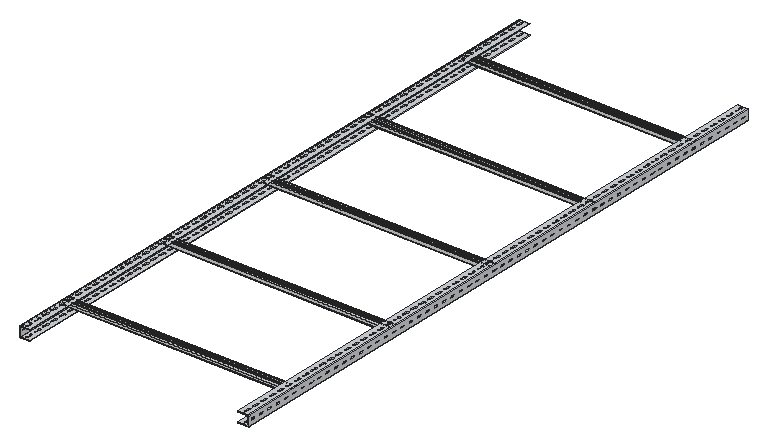
Revit family "steigeleiter_1100_FT", category Generic Models, Revit 2017 (continued)
Forms (mm)
  Extrusion 150, void
    sketch origin (0, 1400, 0) x (1, 0, 0) y (0, 1, 0)
      loop
        arc (-530.5, 15.5) -> (-525, 10) -> (-519.5, 15.5) r 5.5
        line (-519.5, 15.5) -> (-519.5, 34.5)
        arc (-519.5, 34.5) -> (-525, 40) -> (-530.5, 34.5) r 5.5
        line (-530.5, 34.5) -> (-530.5, 15.5)
    from 0 to 2.5
  Extrusion 151, void
    sketch origin (0, 1450, 0) x (1, 0, 0) y (0, 1, 0)
      loop
        arc (-530.5, 15.5) -> (-525, 10) -> (-519.5, 15.5) r 5.5
        line (-519.5, 15.5) -> (-519.5, 34.5)
        arc (-519.5, 34.5) -> (-525, 40) -> (-530.5, 34.5) r 5.5
        line (-530.5, 34.5) -> (-530.5, 15.5)
    from 0 to 2.5
  Extrusion 152, void
    sketch origin (0, 1500, 0) x (1, 0, 0) y (0, 1, 0)
      loop
        arc (-530.5, 15.5) -> (-525, 10) -> (-519.5, 15.5) r 5.5
        line (-519.5, 15.5) -> (-519.5, 34.5)
        arc (-519.5, 34.5) -> (-525, 40) -> (-530.5, 34.5) r 5.5
        line (-530.5, 34.5) -> (-530.5, 15.5)
    from 0 to 2.5
  Extrusion 153, void
    sketch origin (0, 1550, 0) x (1, 0, 0) y (0, 1, 0)
      loop
        arc (-530.5, 15.5) -> (-525, 10) -> (-519.5, 15.5) r 5.5
        line (-519.5, 15.5) -> (-519.5, 34.5)
        arc (-519.5, 34.5) -> (-525, 40) -> (-530.5, 34.5) r 5.5
        line (-530.5, 34.5) -> (-530.5, 15.5)
    from 0 to 2.5
  Extrusion 154, void
    sketch origin (0, 1600, 0) x (1, 0, 0) y (0, 1, 0)
      loop
        arc (-530.5, 15.5) -> (-525, 10) -> (-519.5, 15.5) r 5.5
        line (-519.5, 15.5) -> (-519.5, 34.5)
        arc (-519.5, 34.5) -> (-525, 40) -> (-530.5, 34.5) r 5.5
        line (-530.5, 34.5) -> (-530.5, 15.5)
    from 0 to 2.5
  Extrusion 155, void
    sketch origin (0, 1650, 0) x (1, 0, 0) y (0, 1, 0)
      loop
        arc (-530.5, 15.5) -> (-525, 10) -> (-519.5, 15.5) r 5.5
        line (-519.5, 15.5) -> (-519.5, 34.5)
        arc (-519.5, 34.5) -> (-525, 40) -> (-530.5, 34.5) r 5.5
        line (-530.5, 34.5) -> (-530.5, 15.5)
    from 0 to 2.5
  Extrusion 156, void
    sketch origin (0, 1700, 0) x (1, 0, 0) y (0, 1, 0)
      loop
        arc (-530.5, 15.5) -> (-525, 10) -> (-519.5, 15.5) r 5.5
        line (-519.5, 15.5) -> (-519.5, 34.5)
        arc (-519.5, 34.5) -> (-525, 40) -> (-530.5, 34.5) r 5.5
        line (-530.5, 34.5) -> (-530.5, 15.5)
    from 0 to 2.5
  Extrusion 157, void
    sketch origin (0, 1750, 0) x (1, 0, 0) y (0, 1, 0)
      loop
        arc (-530.5, 15.5) -> (-525, 10) -> (-519.5, 15.5) r 5.5
        line (-519.5, 15.5) -> (-519.5, 34.5)
        arc (-519.5, 34.5) -> (-525, 40) -> (-530.5, 34.5) r 5.5
        line (-530.5, 34.5) -> (-530.5, 15.5)
    from 0 to 2.5
  Extrusion 158, void
    sketch origin (0, 1800, 0) x (1, 0, 0) y (0, 1, 0)
      loop
        arc (-530.5, 15.5) -> (-525, 10) -> (-519.5, 15.5) r 5.5
        line (-519.5, 15.5) -> (-519.5, 34.5)
        arc (-519.5, 34.5) -> (-525, 40) -> (-530.5, 34.5) r 5.5
        line (-530.5, 34.5) -> (-530.5, 15.5)
    from 0 to 2.5
  Extrusion 159, void
    sketch origin (0, 1850, 0) x (1, 0, 0) y (0, 1, 0)
      loop
        arc (-530.5, 15.5) -> (-525, 10) -> (-519.5, 15.5) r 5.5
        line (-519.5, 15.5) -> (-519.5, 34.5)
        arc (-519.5, 34.5) -> (-525, 40) -> (-530.5, 34.5) r 5.5
        line (-530.5, 34.5) -> (-530.5, 15.5)
    from 0 to 2.5
  Extrusion 160, void
    sketch origin (0, 1900, 0) x (1, 0, 0) y (0, 1, 0)
      loop
        arc (-530.5, 15.5) -> (-525, 10) -> (-519.5, 15.5) r 5.5
        line (-519.5, 15.5) -> (-519.5, 34.5)
        arc (-519.5, 34.5) -> (-525, 40) -> (-530.5, 34.5) r 5.5
        line (-530.5, 34.5) -> (-530.5, 15.5)
    from 0 to 2.5
  Extrusion 161, void
    sketch origin (0, 1950, 0) x (1, 0, 0) y (0, 1, 0)
      loop
        arc (-530.5, 15.5) -> (-525, 10) -> (-519.5, 15.5) r 5.5
        line (-519.5, 15.5) -> (-519.5, 34.5)
        arc (-519.5, 34.5) -> (-525, 40) -> (-530.5, 34.5) r 5.5
        line (-530.5, 34.5) -> (-530.5, 15.5)
    from 0 to 2.5
  Extrusion 162, void
    sketch origin (0, 2000, 0) x (1, 0, 0) y (0, 1, 0)
      loop
        arc (-530.5, 15.5) -> (-525, 10) -> (-519.5, 15.5) r 5.5
        line (-519.5, 15.5) -> (-519.5, 34.5)
        arc (-519.5, 34.5) -> (-525, 40) -> (-530.5, 34.5) r 5.5
        line (-530.5, 34.5) -> (-530.5, 15.5)
    from 0 to 2.5
  Extrusion 163, void
    sketch origin (0, 2050, 0) x (1, 0, 0) y (0, 1, 0)
      loop
        arc (-530.5, 15.5) -> (-525, 10) -> (-519.5, 15.5) r 5.5
        line (-519.5, 15.5) -> (-519.5, 34.5)
        arc (-519.5, 34.5) -> (-525, 40) -> (-530.5, 34.5) r 5.5
        line (-530.5, 34.5) -> (-530.5, 15.5)
    from 0 to 2.5
  Extrusion 164, void
    sketch origin (0, 2100, 0) x (1, 0, 0) y (0, 1, 0)
      loop
        arc (-530.5, 15.5) -> (-525, 10) -> (-519.5, 15.5) r 5.5
        line (-519.5, 15.5) -> (-519.5, 34.5)
        arc (-519.5, 34.5) -> (-525, 40) -> (-530.5, 34.5) r 5.5
        line (-530.5, 34.5) -> (-530.5, 15.5)
    from 0 to 2.5
  Extrusion 165, void
    sketch origin (0, 2150, 0) x (1, 0, 0) y (0, 1, 0)
      loop
        arc (-530.5, 15.5) -> (-525, 10) -> (-519.5, 15.5) r 5.5
        line (-519.5, 15.5) -> (-519.5, 34.5)
        arc (-519.5, 34.5) -> (-525, 40) -> (-530.5, 34.5) r 5.5
        line (-530.5, 34.5) -> (-530.5, 15.5)
    from 0 to 2.5
  Extrusion 166, void
    sketch origin (0, 2200, 0) x (1, 0, 0) y (0, 1, 0)
      loop
        arc (-530.5, 15.5) -> (-525, 10) -> (-519.5, 15.5) r 5.5
        line (-519.5, 15.5) -> (-519.5, 34.5)
        arc (-519.5, 34.5) -> (-525, 40) -> (-530.5, 34.5) r 5.5
        line (-530.5, 34.5) -> (-530.5, 15.5)
    from 0 to 2.5
  Extrusion 167, void
    sketch origin (0, 2250, 0) x (1, 0, 0) y (0, 1, 0)
      loop
        arc (-530.5, 15.5) -> (-525, 10) -> (-519.5, 15.5) r 5.5
        line (-519.5, 15.5) -> (-519.5, 34.5)
        arc (-519.5, 34.5) -> (-525, 40) -> (-530.5, 34.5) r 5.5
        line (-530.5, 34.5) -> (-530.5, 15.5)
    from 0 to 2.5
  Extrusion 168, void
    sketch origin (0, 2300, 0) x (1, 0, 0) y (0, 1, 0)
      loop
        arc (-530.5, 15.5) -> (-525, 10) -> (-519.5, 15.5) r 5.5
        line (-519.5, 15.5) -> (-519.5, 34.5)
        arc (-519.5, 34.5) -> (-525, 40) -> (-530.5, 34.5) r 5.5
        line (-530.5, 34.5) -> (-530.5, 15.5)
    from 0 to 2.5
  Extrusion 169, void
    sketch origin (0, 2350, 0) x (1, 0, 0) y (0, 1, 0)
      loop
        arc (-530.5, 15.5) -> (-525, 10) -> (-519.5, 15.5) r 5.5
        line (-519.5, 15.5) -> (-519.5, 34.5)
        arc (-519.5, 34.5) -> (-525, 40) -> (-530.5, 34.5) r 5.5
        line (-530.5, 34.5) -> (-530.5, 15.5)
    from 0 to 2.5
  Extrusion 170, void
    sketch origin (0, 2400, 0) x (1, 0, 0) y (0, 1, 0)
      loop
        arc (-530.5, 15.5) -> (-525, 10) -> (-519.5, 15.5) r 5.5
        line (-519.5, 15.5) -> (-519.5, 34.5)
        arc (-519.5, 34.5) -> (-525, 40) -> (-530.5, 34.5) r 5.5
        line (-530.5, 34.5) -> (-530.5, 15.5)
    from 0 to 2.5
  Extrusion 171, void
    sketch origin (0, 2450, 0) x (1, 0, 0) y (0, 1, 0)
      loop
        arc (-530.5, 15.5) -> (-525, 10) -> (-519.5, 15.5) r 5.5
        line (-519.5, 15.5) -> (-519.5, 34.5)
        arc (-519.5, 34.5) -> (-525, 40) -> (-530.5, 34.5) r 5.5
        line (-530.5, 34.5) -> (-530.5, 15.5)
    from 0 to 2.5
  Extrusion 172, void
    sketch origin (0, 2500, 0) x (1, 0, 0) y (0, 1, 0)
      loop
        arc (-530.5, 15.5) -> (-525, 10) -> (-519.5, 15.5) r 5.5
        line (-519.5, 15.5) -> (-519.5, 34.5)
        arc (-519.5, 34.5) -> (-525, 40) -> (-530.5, 34.5) r 5.5
        line (-530.5, 34.5) -> (-530.5, 15.5)
    from 0 to 2.5
  Extrusion 173, void
    sketch origin (0, 2550, 0) x (1, 0, 0) y (0, 1, 0)
      loop
        arc (-530.5, 15.5) -> (-525, 10) -> (-519.5, 15.5) r 5.5
        line (-519.5, 15.5) -> (-519.5, 34.5)
        arc (-519.5, 34.5) -> (-525, 40) -> (-530.5, 34.5) r 5.5
        line (-530.5, 34.5) -> (-530.5, 15.5)
    from 0 to 2.5
  Extrusion 174, void
    sketch origin (0, 2600, 0) x (1, 0, 0) y (0, 1, 0)
      loop
        arc (-530.5, 15.5) -> (-525, 10) -> (-519.5, 15.5) r 5.5
        line (-519.5, 15.5) -> (-519.5, 34.5)
        arc (-519.5, 34.5) -> (-525, 40) -> (-530.5, 34.5) r 5.5
        line (-530.5, 34.5) -> (-530.5, 15.5)
    from 0 to 2.5
  Extrusion 175, void
    sketch origin (0, 2650, 0) x (1, 0, 0) y (0, 1, 0)
      loop
        arc (-530.5, 15.5) -> (-525, 10) -> (-519.5, 15.5) r 5.5
        line (-519.5, 15.5) -> (-519.5, 34.5)
        arc (-519.5, 34.5) -> (-525, 40) -> (-530.5, 34.5) r 5.5
        line (-530.5, 34.5) -> (-530.5, 15.5)
    from 0 to 2.5
  Extrusion 176, void
    sketch origin (0, 2700, 0) x (1, 0, 0) y (0, 1, 0)
      loop
        arc (-530.5, 15.5) -> (-525, 10) -> (-519.5, 15.5) r 5.5
        line (-519.5, 15.5) -> (-519.5, 34.5)
        arc (-519.5, 34.5) -> (-525, 40) -> (-530.5, 34.5) r 5.5
        line (-530.5, 34.5) -> (-530.5, 15.5)
    from 0 to 2.5
  Extrusion 177, void
    sketch origin (0, 2750, 0) x (1, 0, 0) y (0, 1, 0)
      loop
        arc (-530.5, 15.5) -> (-525, 10) -> (-519.5, 15.5) r 5.5
        line (-519.5, 15.5) -> (-519.5, 34.5)
        arc (-519.5, 34.5) -> (-525, 40) -> (-530.5, 34.5) r 5.5
        line (-530.5, 34.5) -> (-530.5, 15.5)
    from 0 to 2.5
  Extrusion 178, void
    sketch origin (0, 2800, 0) x (1, 0, 0) y (0, 1, 0)
      loop
        arc (-530.5, 15.5) -> (-525, 10) -> (-519.5, 15.5) r 5.5
        line (-519.5, 15.5) -> (-519.5, 34.5)
        arc (-519.5, 34.5) -> (-525, 40) -> (-530.5, 34.5) r 5.5
        line (-530.5, 34.5) -> (-530.5, 15.5)
    from 0 to 2.5
  Extrusion 179, void
    sketch origin (0, 2850, 0) x (1, 0, 0) y (0, 1, 0)
      loop
        arc (-530.5, 15.5) -> (-525, 10) -> (-519.5, 15.5) r 5.5
        line (-519.5, 15.5) -> (-519.5, 34.5)
        arc (-519.5, 34.5) -> (-525, 40) -> (-530.5, 34.5) r 5.5
        line (-530.5, 34.5) -> (-530.5, 15.5)
    from 0 to 2.5
  Extrusion 180, void
    sketch origin (0, 2900, 0) x (1, 0, 0) y (0, 1, 0)
      loop
        arc (-530.5, 15.5) -> (-525, 10) -> (-519.5, 15.5) r 5.5
        line (-519.5, 15.5) -> (-519.5, 34.5)
        arc (-519.5, 34.5) -> (-525, 40) -> (-530.5, 34.5) r 5.5
        line (-530.5, 34.5) -> (-530.5, 15.5)
    from 0 to 2.5
  Extrusion 181, void
    sketch origin (0, 2950, 0) x (1, 0, 0) y (0, 1, 0)
      loop
        arc (-530.5, 15.5) -> (-525, 10) -> (-519.5, 15.5) r 5.5
        line (-519.5, 15.5) -> (-519.5, 34.5)
        arc (-519.5, 34.5) -> (-525, 40) -> (-530.5, 34.5) r 5.5
        line (-530.5, 34.5) -> (-530.5, 15.5)
    from 0 to 2.5
  Extrusion 182, void
    sketch origin (0, 0, 0) x (1, 0, 0) y (0, 1, 0)
      loop
        arc (519.5, 15.5) -> (525, 10) -> (530.5, 15.5) r 5.5
        line (530.5, 15.5) -> (530.5, 34.5)
        arc (530.5, 34.5) -> (525, 40) -> (519.5, 34.5) r 5.5
        line (519.5, 34.5) -> (519.5, 15.5)
    from 0 to 2.5
  Extrusion 183, void
    sketch origin (0, 50, 0) x (1, 0, 0) y (0, 1, 0)
      loop
        arc (519.5, 15.5) -> (525, 10) -> (530.5, 15.5) r 5.5
        line (530.5, 15.5) -> (530.5, 34.5)
        arc (530.5, 34.5) -> (525, 40) -> (519.5, 34.5) r 5.5
        line (519.5, 34.5) -> (519.5, 15.5)
    from 0 to 2.5
  Extrusion 184, void
    sketch origin (0, 100, 0) x (1, 0, 0) y (0, 1, 0)
      loop
        arc (519.5, 15.5) -> (525, 10) -> (530.5, 15.5) r 5.5
        line (530.5, 15.5) -> (530.5, 34.5)
        arc (530.5, 34.5) -> (525, 40) -> (519.5, 34.5) r 5.5
        line (519.5, 34.5) -> (519.5, 15.5)
    from 0 to 2.5
  Extrusion 185, void
    sketch origin (0, 150, 0) x (1, 0, 0) y (0, 1, 0)
      loop
        arc (519.5, 15.5) -> (525, 10) -> (530.5, 15.5) r 5.5
        line (530.5, 15.5) -> (530.5, 34.5)
        arc (530.5, 34.5) -> (525, 40) -> (519.5, 34.5) r 5.5
        line (519.5, 34.5) -> (519.5, 15.5)
    from 0 to 2.5
  Extrusion 186, void
    sketch origin (0, 200, 0) x (1, 0, 0) y (0, 1, 0)
      loop
        arc (519.5, 15.5) -> (525, 10) -> (530.5, 15.5) r 5.5
        line (530.5, 15.5) -> (530.5, 34.5)
        arc (530.5, 34.5) -> (525, 40) -> (519.5, 34.5) r 5.5
        line (519.5, 34.5) -> (519.5, 15.5)
    from 0 to 2.5
  Extrusion 187, void
    sketch origin (0, 250, 0) x (1, 0, 0) y (0, 1, 0)
      loop
        arc (519.5, 15.5) -> (525, 10) -> (530.5, 15.5) r 5.5
        line (530.5, 15.5) -> (530.5, 34.5)
        arc (530.5, 34.5) -> (525, 40) -> (519.5, 34.5) r 5.5
        line (519.5, 34.5) -> (519.5, 15.5)
    from 0 to 2.5
  Extrusion 188, void
    sketch origin (0, 300, 0) x (1, 0, 0) y (0, 1, 0)
      loop
        arc (519.5, 15.5) -> (525, 10) -> (530.5, 15.5) r 5.5
        line (530.5, 15.5) -> (530.5, 34.5)
        arc (530.5, 34.5) -> (525, 40) -> (519.5, 34.5) r 5.5
        line (519.5, 34.5) -> (519.5, 15.5)
    from 0 to 2.5
  Extrusion 189, void
    sketch origin (0, 350, 0) x (1, 0, 0) y (0, 1, 0)
      loop
        arc (519.5, 15.5) -> (525, 10) -> (530.5, 15.5) r 5.5
        line (530.5, 15.5) -> (530.5, 34.5)
        arc (530.5, 34.5) -> (525, 40) -> (519.5, 34.5) r 5.5
        line (519.5, 34.5) -> (519.5, 15.5)
    from 0 to 2.5
  Extrusion 190, void
    sketch origin (0, 400, 0) x (1, 0, 0) y (0, 1, 0)
      loop
        arc (519.5, 15.5) -> (525, 10) -> (530.5, 15.5) r 5.5
        line (530.5, 15.5) -> (530.5, 34.5)
        arc (530.5, 34.5) -> (525, 40) -> (519.5, 34.5) r 5.5
        line (519.5, 34.5) -> (519.5, 15.5)
    from 0 to 2.5
  Extrusion 191, void
    sketch origin (0, 450, 0) x (1, 0, 0) y (0, 1, 0)
      loop
        arc (519.5, 15.5) -> (525, 10) -> (530.5, 15.5) r 5.5
        line (530.5, 15.5) -> (530.5, 34.5)
        arc (530.5, 34.5) -> (525, 40) -> (519.5, 34.5) r 5.5
        line (519.5, 34.5) -> (519.5, 15.5)
    from 0 to 2.5
  Extrusion 192, void
    sketch origin (0, 500, 0) x (1, 0, 0) y (0, 1, 0)
      loop
        arc (519.5, 15.5) -> (525, 10) -> (530.5, 15.5) r 5.5
        line (530.5, 15.5) -> (530.5, 34.5)
        arc (530.5, 34.5) -> (525, 40) -> (519.5, 34.5) r 5.5
        line (519.5, 34.5) -> (519.5, 15.5)
    from 0 to 2.5
  Extrusion 193, void
    sketch origin (0, 550, 0) x (1, 0, 0) y (0, 1, 0)
      loop
        arc (519.5, 15.5) -> (525, 10) -> (530.5, 15.5) r 5.5
        line (530.5, 15.5) -> (530.5, 34.5)
        arc (530.5, 34.5) -> (525, 40) -> (519.5, 34.5) r 5.5
        line (519.5, 34.5) -> (519.5, 15.5)
    from 0 to 2.5
  Extrusion 194, void
    sketch origin (0, 600, 0) x (1, 0, 0) y (0, 1, 0)
      loop
        arc (519.5, 15.5) -> (525, 10) -> (530.5, 15.5) r 5.5
        line (530.5, 15.5) -> (530.5, 34.5)
        arc (530.5, 34.5) -> (525, 40) -> (519.5, 34.5) r 5.5
        line (519.5, 34.5) -> (519.5, 15.5)
    from 0 to 2.5
  Extrusion 195, void
    sketch origin (0, 650, 0) x (1, 0, 0) y (0, 1, 0)
      loop
        arc (519.5, 15.5) -> (525, 10) -> (530.5, 15.5) r 5.5
        line (530.5, 15.5) -> (530.5, 34.5)
        arc (530.5, 34.5) -> (525, 40) -> (519.5, 34.5) r 5.5
        line (519.5, 34.5) -> (519.5, 15.5)
    from 0 to 2.5
  Extrusion 196, void
    sketch origin (0, 700, 0) x (1, 0, 0) y (0, 1, 0)
      loop
        arc (519.5, 15.5) -> (525, 10) -> (530.5, 15.5) r 5.5
        line (530.5, 15.5) -> (530.5, 34.5)
        arc (530.5, 34.5) -> (525, 40) -> (519.5, 34.5) r 5.5
        line (519.5, 34.5) -> (519.5, 15.5)
    from 0 to 2.5
  Extrusion 197, void
    sketch origin (0, 750, 0) x (1, 0, 0) y (0, 1, 0)
      loop
        arc (519.5, 15.5) -> (525, 10) -> (530.5, 15.5) r 5.5
        line (530.5, 15.5) -> (530.5, 34.5)
        arc (530.5, 34.5) -> (525, 40) -> (519.5, 34.5) r 5.5
        line (519.5, 34.5) -> (519.5, 15.5)
    from 0 to 2.5
  Extrusion 198, void
    sketch origin (0, 800, 0) x (1, 0, 0) y (0, 1, 0)
      loop
        arc (519.5, 15.5) -> (525, 10) -> (530.5, 15.5) r 5.5
        line (530.5, 15.5) -> (530.5, 34.5)
        arc (530.5, 34.5) -> (525, 40) -> (519.5, 34.5) r 5.5
        line (519.5, 34.5) -> (519.5, 15.5)
    from 0 to 2.5
  Extrusion 199, void
    sketch origin (0, 850, 0) x (1, 0, 0) y (0, 1, 0)
      loop
        arc (519.5, 15.5) -> (525, 10) -> (530.5, 15.5) r 5.5
        line (530.5, 15.5) -> (530.5, 34.5)
        arc (530.5, 34.5) -> (525, 40) -> (519.5, 34.5) r 5.5
        line (519.5, 34.5) -> (519.5, 15.5)
    from 0 to 2.5
  Extrusion 200, void
    sketch origin (0, 900, 0) x (1, 0, 0) y (0, 1, 0)
      loop
        arc (519.5, 15.5) -> (525, 10) -> (530.5, 15.5) r 5.5
        line (530.5, 15.5) -> (530.5, 34.5)
        arc (530.5, 34.5) -> (525, 40) -> (519.5, 34.5) r 5.5
        line (519.5, 34.5) -> (519.5, 15.5)
    from 0 to 2.5
  Extrusion 201, void
    sketch origin (0, 950, 0) x (1, 0, 0) y (0, 1, 0)
      loop
        arc (519.5, 15.5) -> (525, 10) -> (530.5, 15.5) r 5.5
        line (530.5, 15.5) -> (530.5, 34.5)
        arc (530.5, 34.5) -> (525, 40) -> (519.5, 34.5) r 5.5
        line (519.5, 34.5) -> (519.5, 15.5)
    from 0 to 2.5
  Extrusion 202, void
    sketch origin (0, 1000, 0) x (1, 0, 0) y (0, 1, 0)
      loop
        arc (519.5, 15.5) -> (525, 10) -> (530.5, 15.5) r 5.5
        line (530.5, 15.5) -> (530.5, 34.5)
        arc (530.5, 34.5) -> (525, 40) -> (519.5, 34.5) r 5.5
        line (519.5, 34.5) -> (519.5, 15.5)
    from 0 to 2.5
  Extrusion 203, void
    sketch origin (0, 1050, 0) x (1, 0, 0) y (0, 1, 0)
      loop
        arc (519.5, 15.5) -> (525, 10) -> (530.5, 15.5) r 5.5
        line (530.5, 15.5) -> (530.5, 34.5)
        arc (530.5, 34.5) -> (525, 40) -> (519.5, 34.5) r 5.5
        line (519.5, 34.5) -> (519.5, 15.5)
    from 0 to 2.5
  Extrusion 204, void
    sketch origin (0, 1100, 0) x (1, 0, 0) y (0, 1, 0)
      loop
        arc (519.5, 15.5) -> (525, 10) -> (530.5, 15.5) r 5.5
        line (530.5, 15.5) -> (530.5, 34.5)
        arc (530.5, 34.5) -> (525, 40) -> (519.5, 34.5) r 5.5
        line (519.5, 34.5) -> (519.5, 15.5)
    from 0 to 2.5
  Extrusion 205, void
    sketch origin (0, 1150, 0) x (1, 0, 0) y (0, 1, 0)
      loop
        arc (519.5, 15.5) -> (525, 10) -> (530.5, 15.5) r 5.5
        line (530.5, 15.5) -> (530.5, 34.5)
        arc (530.5, 34.5) -> (525, 40) -> (519.5, 34.5) r 5.5
        line (519.5, 34.5) -> (519.5, 15.5)
    from 0 to 2.5
  Extrusion 206, void
    sketch origin (0, 1200, 0) x (1, 0, 0) y (0, 1, 0)
      loop
        arc (519.5, 15.5) -> (525, 10) -> (530.5, 15.5) r 5.5
        line (530.5, 15.5) -> (530.5, 34.5)
        arc (530.5, 34.5) -> (525, 40) -> (519.5, 34.5) r 5.5
        line (519.5, 34.5) -> (519.5, 15.5)
    from 0 to 2.5
  Extrusion 207, void
    sketch origin (0, 1250, 0) x (1, 0, 0) y (0, 1, 0)
      loop
        arc (519.5, 15.5) -> (525, 10) -> (530.5, 15.5) r 5.5
        line (530.5, 15.5) -> (530.5, 34.5)
        arc (530.5, 34.5) -> (525, 40) -> (519.5, 34.5) r 5.5
        line (519.5, 34.5) -> (519.5, 15.5)
    from 0 to 2.5
  Extrusion 208, void
    sketch origin (0, 1300, 0) x (1, 0, 0) y (0, 1, 0)
      loop
        arc (519.5, 15.5) -> (525, 10) -> (530.5, 15.5) r 5.5
        line (530.5, 15.5) -> (530.5, 34.5)
        arc (530.5, 34.5) -> (525, 40) -> (519.5, 34.5) r 5.5
        line (519.5, 34.5) -> (519.5, 15.5)
    from 0 to 2.5
  Extrusion 209, void
    sketch origin (0, 1350, 0) x (1, 0, 0) y (0, 1, 0)
      loop
        arc (519.5, 15.5) -> (525, 10) -> (530.5, 15.5) r 5.5
        line (530.5, 15.5) -> (530.5, 34.5)
        arc (530.5, 34.5) -> (525, 40) -> (519.5, 34.5) r 5.5
        line (519.5, 34.5) -> (519.5, 15.5)
    from 0 to 2.5
  Extrusion 210, void
    sketch origin (0, 1400, 0) x (1, 0, 0) y (0, 1, 0)
      loop
        arc (519.5, 15.5) -> (525, 10) -> (530.5, 15.5) r 5.5
        line (530.5, 15.5) -> (530.5, 34.5)
        arc (530.5, 34.5) -> (525, 40) -> (519.5, 34.5) r 5.5
        line (519.5, 34.5) -> (519.5, 15.5)
    from 0 to 2.5
  Extrusion 211, void
    sketch origin (0, 1450, 0) x (1, 0, 0) y (0, 1, 0)
      loop
        arc (519.5, 15.5) -> (525, 10) -> (530.5, 15.5) r 5.5
        line (530.5, 15.5) -> (530.5, 34.5)
        arc (530.5, 34.5) -> (525, 40) -> (519.5, 34.5) r 5.5
        line (519.5, 34.5) -> (519.5, 15.5)
    from 0 to 2.5
  Extrusion 212, void
    sketch origin (0, 1500, 0) x (1, 0, 0) y (0, 1, 0)
      loop
        arc (519.5, 15.5) -> (525, 10) -> (530.5, 15.5) r 5.5
        line (530.5, 15.5) -> (530.5, 34.5)
        arc (530.5, 34.5) -> (525, 40) -> (519.5, 34.5) r 5.5
        line (519.5, 34.5) -> (519.5, 15.5)
    from 0 to 2.5
  Extrusion 213, void
    sketch origin (0, 1550, 0) x (1, 0, 0) y (0, 1, 0)
      loop
        arc (519.5, 15.5) -> (525, 10) -> (530.5, 15.5) r 5.5
        line (530.5, 15.5) -> (530.5, 34.5)
        arc (530.5, 34.5) -> (525, 40) -> (519.5, 34.5) r 5.5
        line (519.5, 34.5) -> (519.5, 15.5)
    from 0 to 2.5
  Extrusion 214, void
    sketch origin (0, 1600, 0) x (1, 0, 0) y (0, 1, 0)
      loop
        arc (519.5, 15.5) -> (525, 10) -> (530.5, 15.5) r 5.5
        line (530.5, 15.5) -> (530.5, 34.5)
        arc (530.5, 34.5) -> (525, 40) -> (519.5, 34.5) r 5.5
        line (519.5, 34.5) -> (519.5, 15.5)
    from 0 to 2.5
  Extrusion 215, void
    sketch origin (0, 1650, 0) x (1, 0, 0) y (0, 1, 0)
      loop
        arc (519.5, 15.5) -> (525, 10) -> (530.5, 15.5) r 5.5
        line (530.5, 15.5) -> (530.5, 34.5)
        arc (530.5, 34.5) -> (525, 40) -> (519.5, 34.5) r 5.5
        line (519.5, 34.5) -> (519.5, 15.5)
    from 0 to 2.5
  Extrusion 216, void
    sketch origin (0, 1700, 0) x (1, 0, 0) y (0, 1, 0)
      loop
        arc (519.5, 15.5) -> (525, 10) -> (530.5, 15.5) r 5.5
        line (530.5, 15.5) -> (530.5, 34.5)
        arc (530.5, 34.5) -> (525, 40) -> (519.5, 34.5) r 5.5
        line (519.5, 34.5) -> (519.5, 15.5)
    from 0 to 2.5
  Extrusion 217, void
    sketch origin (0, 1750, 0) x (1, 0, 0) y (0, 1, 0)
      loop
        arc (519.5, 15.5) -> (525, 10) -> (530.5, 15.5) r 5.5
        line (530.5, 15.5) -> (530.5, 34.5)
        arc (530.5, 34.5) -> (525, 40) -> (519.5, 34.5) r 5.5
        line (519.5, 34.5) -> (519.5, 15.5)
    from 0 to 2.5
  Extrusion 218, void
    sketch origin (0, 1800, 0) x (1, 0, 0) y (0, 1, 0)
      loop
        arc (519.5, 15.5) -> (525, 10) -> (530.5, 15.5) r 5.5
        line (530.5, 15.5) -> (530.5, 34.5)
        arc (530.5, 34.5) -> (525, 40) -> (519.5, 34.5) r 5.5
        line (519.5, 34.5) -> (519.5, 15.5)
    from 0 to 2.5
  Extrusion 219, void
    sketch origin (0, 1850, 0) x (1, 0, 0) y (0, 1, 0)
      loop
        arc (519.5, 15.5) -> (525, 10) -> (530.5, 15.5) r 5.5
        line (530.5, 15.5) -> (530.5, 34.5)
        arc (530.5, 34.5) -> (525, 40) -> (519.5, 34.5) r 5.5
        line (519.5, 34.5) -> (519.5, 15.5)
    from 0 to 2.5
  Extrusion 220, void
    sketch origin (0, 1900, 0) x (1, 0, 0) y (0, 1, 0)
      loop
        arc (519.5, 15.5) -> (525, 10) -> (530.5, 15.5) r 5.5
        line (530.5, 15.5) -> (530.5, 34.5)
        arc (530.5, 34.5) -> (525, 40) -> (519.5, 34.5) r 5.5
        line (519.5, 34.5) -> (519.5, 15.5)
    from 0 to 2.5
  Extrusion 221, void
    sketch origin (0, 1950, 0) x (1, 0, 0) y (0, 1, 0)
      loop
        arc (519.5, 15.5) -> (525, 10) -> (530.5, 15.5) r 5.5
        line (530.5, 15.5) -> (530.5, 34.5)
        arc (530.5, 34.5) -> (525, 40) -> (519.5, 34.5) r 5.5
        line (519.5, 34.5) -> (519.5, 15.5)
    from 0 to 2.5
  Extrusion 222, void
    sketch origin (0, 2000, 0) x (1, 0, 0) y (0, 1, 0)
      loop
        arc (519.5, 15.5) -> (525, 10) -> (530.5, 15.5) r 5.5
        line (530.5, 15.5) -> (530.5, 34.5)
        arc (530.5, 34.5) -> (525, 40) -> (519.5, 34.5) r 5.5
        line (519.5, 34.5) -> (519.5, 15.5)
    from 0 to 2.5
  Extrusion 223, void
    sketch origin (0, 2050, 0) x (1, 0, 0) y (0, 1, 0)
      loop
        arc (519.5, 15.5) -> (525, 10) -> (530.5, 15.5) r 5.5
        line (530.5, 15.5) -> (530.5, 34.5)
        arc (530.5, 34.5) -> (525, 40) -> (519.5, 34.5) r 5.5
        line (519.5, 34.5) -> (519.5, 15.5)
    from 0 to 2.5
  Extrusion 224, void
    sketch origin (0, 2100, 0) x (1, 0, 0) y (0, 1, 0)
      loop
        arc (519.5, 15.5) -> (525, 10) -> (530.5, 15.5) r 5.5
        line (530.5, 15.5) -> (530.5, 34.5)
        arc (530.5, 34.5) -> (525, 40) -> (519.5, 34.5) r 5.5
        line (519.5, 34.5) -> (519.5, 15.5)
    from 0 to 2.5
  Extrusion 225, void
    sketch origin (0, 2150, 0) x (1, 0, 0) y (0, 1, 0)
      loop
        arc (519.5, 15.5) -> (525, 10) -> (530.5, 15.5) r 5.5
        line (530.5, 15.5) -> (530.5, 34.5)
        arc (530.5, 34.5) -> (525, 40) -> (519.5, 34.5) r 5.5
        line (519.5, 34.5) -> (519.5, 15.5)
    from 0 to 2.5
  Extrusion 226, void
    sketch origin (0, 2200, 0) x (1, 0, 0) y (0, 1, 0)
      loop
        arc (519.5, 15.5) -> (525, 10) -> (530.5, 15.5) r 5.5
        line (530.5, 15.5) -> (530.5, 34.5)
        arc (530.5, 34.5) -> (525, 40) -> (519.5, 34.5) r 5.5
        line (519.5, 34.5) -> (519.5, 15.5)
    from 0 to 2.5
  Extrusion 227, void
    sketch origin (0, 2250, 0) x (1, 0, 0) y (0, 1, 0)
      loop
        arc (519.5, 15.5) -> (525, 10) -> (530.5, 15.5) r 5.5
        line (530.5, 15.5) -> (530.5, 34.5)
        arc (530.5, 34.5) -> (525, 40) -> (519.5, 34.5) r 5.5
        line (519.5, 34.5) -> (519.5, 15.5)
    from 0 to 2.5
  Extrusion 228, void
    sketch origin (0, 2300, 0) x (1, 0, 0) y (0, 1, 0)
      loop
        arc (519.5, 15.5) -> (525, 10) -> (530.5, 15.5) r 5.5
        line (530.5, 15.5) -> (530.5, 34.5)
        arc (530.5, 34.5) -> (525, 40) -> (519.5, 34.5) r 5.5
        line (519.5, 34.5) -> (519.5, 15.5)
    from 0 to 2.5
  Extrusion 229, void
    sketch origin (0, 2350, 0) x (1, 0, 0) y (0, 1, 0)
      loop
        arc (519.5, 15.5) -> (525, 10) -> (530.5, 15.5) r 5.5
        line (530.5, 15.5) -> (530.5, 34.5)
        arc (530.5, 34.5) -> (525, 40) -> (519.5, 34.5) r 5.5
        line (519.5, 34.5) -> (519.5, 15.5)
    from 0 to 2.5
  Extrusion 230, void
    sketch origin (0, 2400, 0) x (1, 0, 0) y (0, 1, 0)
      loop
        arc (519.5, 15.5) -> (525, 10) -> (530.5, 15.5) r 5.5
        line (530.5, 15.5) -> (530.5, 34.5)
        arc (530.5, 34.5) -> (525, 40) -> (519.5, 34.5) r 5.5
        line (519.5, 34.5) -> (519.5, 15.5)
    from 0 to 2.5
  Extrusion 231, void
    sketch origin (0, 2450, 0) x (1, 0, 0) y (0, 1, 0)
      loop
        arc (519.5, 15.5) -> (525, 10) -> (530.5, 15.5) r 5.5
        line (530.5, 15.5) -> (530.5, 34.5)
        arc (530.5, 34.5) -> (525, 40) -> (519.5, 34.5) r 5.5
        line (519.5, 34.5) -> (519.5, 15.5)
    from 0 to 2.5
  Extrusion 232, void
    sketch origin (0, 2500, 0) x (1, 0, 0) y (0, 1, 0)
      loop
        arc (519.5, 15.5) -> (525, 10) -> (530.5, 15.5) r 5.5
        line (530.5, 15.5) -> (530.5, 34.5)
        arc (530.5, 34.5) -> (525, 40) -> (519.5, 34.5) r 5.5
        line (519.5, 34.5) -> (519.5, 15.5)
    from 0 to 2.5
  Extrusion 233, void
    sketch origin (0, 2550, 0) x (1, 0, 0) y (0, 1, 0)
      loop
        arc (519.5, 15.5) -> (525, 10) -> (530.5, 15.5) r 5.5
        line (530.5, 15.5) -> (530.5, 34.5)
        arc (530.5, 34.5) -> (525, 40) -> (519.5, 34.5) r 5.5
        line (519.5, 34.5) -> (519.5, 15.5)
    from 0 to 2.5
  Extrusion 234, void
    sketch origin (0, 2600, 0) x (1, 0, 0) y (0, 1, 0)
      loop
        arc (519.5, 15.5) -> (525, 10) -> (530.5, 15.5) r 5.5
        line (530.5, 15.5) -> (530.5, 34.5)
        arc (530.5, 34.5) -> (525, 40) -> (519.5, 34.5) r 5.5
        line (519.5, 34.5) -> (519.5, 15.5)
    from 0 to 2.5
  Extrusion 235, void
    sketch origin (0, 2650, 0) x (1, 0, 0) y (0, 1, 0)
      loop
        arc (519.5, 15.5) -> (525, 10) -> (530.5, 15.5) r 5.5
        line (530.5, 15.5) -> (530.5, 34.5)
        arc (530.5, 34.5) -> (525, 40) -> (519.5, 34.5) r 5.5
        line (519.5, 34.5) -> (519.5, 15.5)
    from 0 to 2.5
  Extrusion 236, void
    sketch origin (0, 2700, 0) x (1, 0, 0) y (0, 1, 0)
      loop
        arc (519.5, 15.5) -> (525, 10) -> (530.5, 15.5) r 5.5
        line (530.5, 15.5) -> (530.5, 34.5)
        arc (530.5, 34.5) -> (525, 40) -> (519.5, 34.5) r 5.5
        line (519.5, 34.5) -> (519.5, 15.5)
    from 0 to 2.5
  Extrusion 237, void
    sketch origin (0, 2750, 0) x (1, 0, 0) y (0, 1, 0)
      loop
        arc (519.5, 15.5) -> (525, 10) -> (530.5, 15.5) r 5.5
        line (530.5, 15.5) -> (530.5, 34.5)
        arc (530.5, 34.5) -> (525, 40) -> (519.5, 34.5) r 5.5
        line (519.5, 34.5) -> (519.5, 15.5)
    from 0 to 2.5
  Extrusion 238, void
    sketch origin (0, 2800, 0) x (1, 0, 0) y (0, 1, 0)
      loop
        arc (519.5, 15.5) -> (525, 10) -> (530.5, 15.5) r 5.5
        line (530.5, 15.5) -> (530.5, 34.5)
        arc (530.5, 34.5) -> (525, 40) -> (519.5, 34.5) r 5.5
        line (519.5, 34.5) -> (519.5, 15.5)
    from 0 to 2.5
  Extrusion 239, void
    sketch origin (0, 2850, 0) x (1, 0, 0) y (0, 1, 0)
      loop
        arc (519.5, 15.5) -> (525, 10) -> (530.5, 15.5) r 5.5
        line (530.5, 15.5) -> (530.5, 34.5)
        arc (530.5, 34.5) -> (525, 40) -> (519.5, 34.5) r 5.5
        line (519.5, 34.5) -> (519.5, 15.5)
    from 0 to 2.5
  Extrusion 240, void
    sketch origin (0, 2900, 0) x (1, 0, 0) y (0, 1, 0)
      loop
        arc (519.5, 15.5) -> (525, 10) -> (530.5, 15.5) r 5.5
        line (530.5, 15.5) -> (530.5, 34.5)
        arc (530.5, 34.5) -> (525, 40) -> (519.5, 34.5) r 5.5
        line (519.5, 34.5) -> (519.5, 15.5)
    from 0 to 2.5
  Extrusion 241, void
    sketch origin (0, 2950, 0) x (1, 0, 0) y (0, 1, 0)
      loop
        arc (519.5, 15.5) -> (525, 10) -> (530.5, 15.5) r 5.5
        line (530.5, 15.5) -> (530.5, 34.5)
        arc (530.5, 34.5) -> (525, 40) -> (519.5, 34.5) r 5.5
        line (519.5, 34.5) -> (519.5, 15.5)
    from 0 to 2.5
  Extrusion 242, void
    sketch origin (0, 50, 0) x (0, 1, 0) y (0, 0, 1)
      loop
        arc (15.5, 30.5) -> (10, 25) -> (15.5, 19.5) r 5.5
        line (15.5, 19.5) -> (34.5, 19.5)
        arc (34.5, 19.5) -> (40, 25) -> (34.5, 30.5) r 5.5
        line (34.5, 30.5) -> (15.5, 30.5)
    from 547.5 to 550
  Extrusion 243, void
    sketch origin (0, 100, 0) x (0, 1, 0) y (0, 0, 1)
      loop
        arc (15.5, 30.5) -> (10, 25) -> (15.5, 19.5) r 5.5
        line (15.5, 19.5) -> (34.5, 19.5)
        arc (34.5, 19.5) -> (40, 25) -> (34.5, 30.5) r 5.5
        line (34.5, 30.5) -> (15.5, 30.5)
    from 547.5 to 550
  Extrusion 244, void
    sketch origin (0, 150, 0) x (0, 1, 0) y (0, 0, 1)
      loop
        arc (15.5, 30.5) -> (10, 25) -> (15.5, 19.5) r 5.5
        line (15.5, 19.5) -> (34.5, 19.5)
        arc (34.5, 19.5) -> (40, 25) -> (34.5, 30.5) r 5.5
        line (34.5, 30.5) -> (15.5, 30.5)
    from 547.5 to 550
  Extrusion 245, void
    sketch origin (0, 200, 0) x (0, 1, 0) y (0, 0, 1)
      loop
        arc (15.5, 30.5) -> (10, 25) -> (15.5, 19.5) r 5.5
        line (15.5, 19.5) -> (34.5, 19.5)
        arc (34.5, 19.5) -> (40, 25) -> (34.5, 30.5) r 5.5
        line (34.5, 30.5) -> (15.5, 30.5)
    from 547.5 to 550
  Extrusion 246, void
    sketch origin (0, 250, 0) x (0, 1, 0) y (0, 0, 1)
      loop
        arc (15.5, 30.5) -> (10, 25) -> (15.5, 19.5) r 5.5
        line (15.5, 19.5) -> (34.5, 19.5)
        arc (34.5, 19.5) -> (40, 25) -> (34.5, 30.5) r 5.5
        line (34.5, 30.5) -> (15.5, 30.5)
    from 547.5 to 550
  Extrusion 247, void
    sketch origin (0, 300, 0) x (0, 1, 0) y (0, 0, 1)
      loop
        arc (15.5, 30.5) -> (10, 25) -> (15.5, 19.5) r 5.5
        line (15.5, 19.5) -> (34.5, 19.5)
        arc (34.5, 19.5) -> (40, 25) -> (34.5, 30.5) r 5.5
        line (34.5, 30.5) -> (15.5, 30.5)
    from 547.5 to 550
  Extrusion 248, void
    sketch origin (0, 350, 0) x (0, 1, 0) y (0, 0, 1)
      loop
        arc (15.5, 30.5) -> (10, 25) -> (15.5, 19.5) r 5.5
        line (15.5, 19.5) -> (34.5, 19.5)
        arc (34.5, 19.5) -> (40, 25) -> (34.5, 30.5) r 5.5
        line (34.5, 30.5) -> (15.5, 30.5)
    from 547.5 to 550
  Extrusion 249, void
    sketch origin (0, 400, 0) x (0, 1, 0) y (0, 0, 1)
      loop
        arc (15.5, 30.5) -> (10, 25) -> (15.5, 19.5) r 5.5
        line (15.5, 19.5) -> (34.5, 19.5)
        arc (34.5, 19.5) -> (40, 25) -> (34.5, 30.5) r 5.5
        line (34.5, 30.5) -> (15.5, 30.5)
    from 547.5 to 550
  Extrusion 250, void
    sketch origin (0, 450, 0) x (0, 1, 0) y (0, 0, 1)
      loop
        arc (15.5, 30.5) -> (10, 25) -> (15.5, 19.5) r 5.5
        line (15.5, 19.5) -> (34.5, 19.5)
        arc (34.5, 19.5) -> (40, 25) -> (34.5, 30.5) r 5.5
        line (34.5, 30.5) -> (15.5, 30.5)
    from 547.5 to 550
  Extrusion 251, void
    sketch origin (0, 500, 0) x (0, 1, 0) y (0, 0, 1)
      loop
        arc (15.5, 30.5) -> (10, 25) -> (15.5, 19.5) r 5.5
        line (15.5, 19.5) -> (34.5, 19.5)
        arc (34.5, 19.5) -> (40, 25) -> (34.5, 30.5) r 5.5
        line (34.5, 30.5) -> (15.5, 30.5)
    from 547.5 to 550
  Extrusion 252, void
    sketch origin (0, 550, 0) x (0, 1, 0) y (0, 0, 1)
      loop
        arc (15.5, 30.5) -> (10, 25) -> (15.5, 19.5) r 5.5
        line (15.5, 19.5) -> (34.5, 19.5)
        arc (34.5, 19.5) -> (40, 25) -> (34.5, 30.5) r 5.5
        line (34.5, 30.5) -> (15.5, 30.5)
    from 547.5 to 550
  Extrusion 253, void
    sketch origin (0, 600, 0) x (0, 1, 0) y (0, 0, 1)
      loop
        arc (15.5, 30.5) -> (10, 25) -> (15.5, 19.5) r 5.5
        line (15.5, 19.5) -> (34.5, 19.5)
        arc (34.5, 19.5) -> (40, 25) -> (34.5, 30.5) r 5.5
        line (34.5, 30.5) -> (15.5, 30.5)
    from 547.5 to 550
  Extrusion 254, void
    sketch origin (0, 650, 0) x (0, 1, 0) y (0, 0, 1)
      loop
        arc (15.5, 30.5) -> (10, 25) -> (15.5, 19.5) r 5.5
        line (15.5, 19.5) -> (34.5, 19.5)
        arc (34.5, 19.5) -> (40, 25) -> (34.5, 30.5) r 5.5
        line (34.5, 30.5) -> (15.5, 30.5)
    from 547.5 to 550
  Extrusion 255, void
    sketch origin (0, 700, 0) x (0, 1, 0) y (0, 0, 1)
      loop
        arc (15.5, 30.5) -> (10, 25) -> (15.5, 19.5) r 5.5
        line (15.5, 19.5) -> (34.5, 19.5)
        arc (34.5, 19.5) -> (40, 25) -> (34.5, 30.5) r 5.5
        line (34.5, 30.5) -> (15.5, 30.5)
    from 547.5 to 550
  Extrusion 256, void
    sketch origin (0, 750, 0) x (0, 1, 0) y (0, 0, 1)
      loop
        arc (15.5, 30.5) -> (10, 25) -> (15.5, 19.5) r 5.5
        line (15.5, 19.5) -> (34.5, 19.5)
        arc (34.5, 19.5) -> (40, 25) -> (34.5, 30.5) r 5.5
        line (34.5, 30.5) -> (15.5, 30.5)
    from 547.5 to 550
  Extrusion 257, void
    sketch origin (0, 800, 0) x (0, 1, 0) y (0, 0, 1)
      loop
        arc (15.5, 30.5) -> (10, 25) -> (15.5, 19.5) r 5.5
        line (15.5, 19.5) -> (34.5, 19.5)
        arc (34.5, 19.5) -> (40, 25) -> (34.5, 30.5) r 5.5
        line (34.5, 30.5) -> (15.5, 30.5)
    from 547.5 to 550
  Extrusion 258, void
    sketch origin (0, 850, 0) x (0, 1, 0) y (0, 0, 1)
      loop
        arc (15.5, 30.5) -> (10, 25) -> (15.5, 19.5) r 5.5
        line (15.5, 19.5) -> (34.5, 19.5)
        arc (34.5, 19.5) -> (40, 25) -> (34.5, 30.5) r 5.5
        line (34.5, 30.5) -> (15.5, 30.5)
    from 547.5 to 550
  Extrusion 259, void
    sketch origin (0, 900, 0) x (0, 1, 0) y (0, 0, 1)
      loop
        arc (15.5, 30.5) -> (10, 25) -> (15.5, 19.5) r 5.5
        line (15.5, 19.5) -> (34.5, 19.5)
        arc (34.5, 19.5) -> (40, 25) -> (34.5, 30.5) r 5.5
        line (34.5, 30.5) -> (15.5, 30.5)
    from 547.5 to 550
  Extrusion 260, void
    sketch origin (0, 950, 0) x (0, 1, 0) y (0, 0, 1)
      loop
        arc (15.5, 30.5) -> (10, 25) -> (15.5, 19.5) r 5.5
        line (15.5, 19.5) -> (34.5, 19.5)
        arc (34.5, 19.5) -> (40, 25) -> (34.5, 30.5) r 5.5
        line (34.5, 30.5) -> (15.5, 30.5)
    from 547.5 to 550
  Extrusion 261, void
    sketch origin (0, 1000, 0) x (0, 1, 0) y (0, 0, 1)
      loop
        arc (15.5, 30.5) -> (10, 25) -> (15.5, 19.5) r 5.5
        line (15.5, 19.5) -> (34.5, 19.5)
        arc (34.5, 19.5) -> (40, 25) -> (34.5, 30.5) r 5.5
        line (34.5, 30.5) -> (15.5, 30.5)
    from 547.5 to 550
  Extrusion 262, void
    sketch origin (0, 1050, 0) x (0, 1, 0) y (0, 0, 1)
      loop
        arc (15.5, 30.5) -> (10, 25) -> (15.5, 19.5) r 5.5
        line (15.5, 19.5) -> (34.5, 19.5)
        arc (34.5, 19.5) -> (40, 25) -> (34.5, 30.5) r 5.5
        line (34.5, 30.5) -> (15.5, 30.5)
    from 547.5 to 550
  Extrusion 263, void
    sketch origin (0, 1100, 0) x (0, 1, 0) y (0, 0, 1)
      loop
        arc (15.5, 30.5) -> (10, 25) -> (15.5, 19.5) r 5.5
        line (15.5, 19.5) -> (34.5, 19.5)
        arc (34.5, 19.5) -> (40, 25) -> (34.5, 30.5) r 5.5
        line (34.5, 30.5) -> (15.5, 30.5)
    from 547.5 to 550
  Extrusion 264, void
    sketch origin (0, 1150, 0) x (0, 1, 0) y (0, 0, 1)
      loop
        arc (15.5, 30.5) -> (10, 25) -> (15.5, 19.5) r 5.5
        line (15.5, 19.5) -> (34.5, 19.5)
        arc (34.5, 19.5) -> (40, 25) -> (34.5, 30.5) r 5.5
        line (34.5, 30.5) -> (15.5, 30.5)
    from 547.5 to 550
  Extrusion 265, void
    sketch origin (0, 1200, 0) x (0, 1, 0) y (0, 0, 1)
      loop
        arc (15.5, 30.5) -> (10, 25) -> (15.5, 19.5) r 5.5
        line (15.5, 19.5) -> (34.5, 19.5)
        arc (34.5, 19.5) -> (40, 25) -> (34.5, 30.5) r 5.5
        line (34.5, 30.5) -> (15.5, 30.5)
    from 547.5 to 550
  Extrusion 266, void
    sketch origin (0, 1250, 0) x (0, 1, 0) y (0, 0, 1)
      loop
        arc (15.5, 30.5) -> (10, 25) -> (15.5, 19.5) r 5.5
        line (15.5, 19.5) -> (34.5, 19.5)
        arc (34.5, 19.5) -> (40, 25) -> (34.5, 30.5) r 5.5
        line (34.5, 30.5) -> (15.5, 30.5)
    from 547.5 to 550
  Extrusion 267, void
    sketch origin (0, 1300, 0) x (0, 1, 0) y (0, 0, 1)
      loop
        arc (15.5, 30.5) -> (10, 25) -> (15.5, 19.5) r 5.5
        line (15.5, 19.5) -> (34.5, 19.5)
        arc (34.5, 19.5) -> (40, 25) -> (34.5, 30.5) r 5.5
        line (34.5, 30.5) -> (15.5, 30.5)
    from 547.5 to 550
  Extrusion 268, void
    sketch origin (0, 1350, 0) x (0, 1, 0) y (0, 0, 1)
      loop
        arc (15.5, 30.5) -> (10, 25) -> (15.5, 19.5) r 5.5
        line (15.5, 19.5) -> (34.5, 19.5)
        arc (34.5, 19.5) -> (40, 25) -> (34.5, 30.5) r 5.5
        line (34.5, 30.5) -> (15.5, 30.5)
    from 547.5 to 550
  Extrusion 269, void
    sketch origin (0, 1400, 0) x (0, 1, 0) y (0, 0, 1)
      loop
        arc (15.5, 30.5) -> (10, 25) -> (15.5, 19.5) r 5.5
        line (15.5, 19.5) -> (34.5, 19.5)
        arc (34.5, 19.5) -> (40, 25) -> (34.5, 30.5) r 5.5
        line (34.5, 30.5) -> (15.5, 30.5)
    from 547.5 to 550
  Extrusion 270, void
    sketch origin (0, 1450, 0) x (0, 1, 0) y (0, 0, 1)
      loop
        arc (15.5, 30.5) -> (10, 25) -> (15.5, 19.5) r 5.5
        line (15.5, 19.5) -> (34.5, 19.5)
        arc (34.5, 19.5) -> (40, 25) -> (34.5, 30.5) r 5.5
        line (34.5, 30.5) -> (15.5, 30.5)
    from 547.5 to 550
  Extrusion 271, void
    sketch origin (0, 1500, 0) x (0, 1, 0) y (0, 0, 1)
      loop
        arc (15.5, 30.5) -> (10, 25) -> (15.5, 19.5) r 5.5
        line (15.5, 19.5) -> (34.5, 19.5)
        arc (34.5, 19.5) -> (40, 25) -> (34.5, 30.5) r 5.5
        line (34.5, 30.5) -> (15.5, 30.5)
    from 547.5 to 550
  Extrusion 272, void
    sketch origin (0, 1550, 0) x (0, 1, 0) y (0, 0, 1)
      loop
        arc (15.5, 30.5) -> (10, 25) -> (15.5, 19.5) r 5.5
        line (15.5, 19.5) -> (34.5, 19.5)
        arc (34.5, 19.5) -> (40, 25) -> (34.5, 30.5) r 5.5
        line (34.5, 30.5) -> (15.5, 30.5)
    from 547.5 to 550
  Extrusion 273, void
    sketch origin (0, 1600, 0) x (0, 1, 0) y (0, 0, 1)
      loop
        arc (15.5, 30.5) -> (10, 25) -> (15.5, 19.5) r 5.5
        line (15.5, 19.5) -> (34.5, 19.5)
        arc (34.5, 19.5) -> (40, 25) -> (34.5, 30.5) r 5.5
        line (34.5, 30.5) -> (15.5, 30.5)
    from 547.5 to 550
  Extrusion 274, void
    sketch origin (0, 1650, 0) x (0, 1, 0) y (0, 0, 1)
      loop
        arc (15.5, 30.5) -> (10, 25) -> (15.5, 19.5) r 5.5
        line (15.5, 19.5) -> (34.5, 19.5)
        arc (34.5, 19.5) -> (40, 25) -> (34.5, 30.5) r 5.5
        line (34.5, 30.5) -> (15.5, 30.5)
    from 547.5 to 550
  Extrusion 275, void
    sketch origin (0, 1700, 0) x (0, 1, 0) y (0, 0, 1)
      loop
        arc (15.5, 30.5) -> (10, 25) -> (15.5, 19.5) r 5.5
        line (15.5, 19.5) -> (34.5, 19.5)
        arc (34.5, 19.5) -> (40, 25) -> (34.5, 30.5) r 5.5
        line (34.5, 30.5) -> (15.5, 30.5)
    from 547.5 to 550
  Extrusion 276, void
    sketch origin (0, 1750, 0) x (0, 1, 0) y (0, 0, 1)
      loop
        arc (15.5, 30.5) -> (10, 25) -> (15.5, 19.5) r 5.5
        line (15.5, 19.5) -> (34.5, 19.5)
        arc (34.5, 19.5) -> (40, 25) -> (34.5, 30.5) r 5.5
        line (34.5, 30.5) -> (15.5, 30.5)
    from 547.5 to 550
  Extrusion 277, void
    sketch origin (0, 1800, 0) x (0, 1, 0) y (0, 0, 1)
      loop
        arc (15.5, 30.5) -> (10, 25) -> (15.5, 19.5) r 5.5
        line (15.5, 19.5) -> (34.5, 19.5)
        arc (34.5, 19.5) -> (40, 25) -> (34.5, 30.5) r 5.5
        line (34.5, 30.5) -> (15.5, 30.5)
    from 547.5 to 550
  Extrusion 278, void
    sketch origin (0, 1850, 0) x (0, 1, 0) y (0, 0, 1)
      loop
        arc (15.5, 30.5) -> (10, 25) -> (15.5, 19.5) r 5.5
        line (15.5, 19.5) -> (34.5, 19.5)
        arc (34.5, 19.5) -> (40, 25) -> (34.5, 30.5) r 5.5
        line (34.5, 30.5) -> (15.5, 30.5)
    from 547.5 to 550
  Extrusion 279, void
    sketch origin (0, 1900, 0) x (0, 1, 0) y (0, 0, 1)
      loop
        arc (15.5, 30.5) -> (10, 25) -> (15.5, 19.5) r 5.5
        line (15.5, 19.5) -> (34.5, 19.5)
        arc (34.5, 19.5) -> (40, 25) -> (34.5, 30.5) r 5.5
        line (34.5, 30.5) -> (15.5, 30.5)
    from 547.5 to 550
  Extrusion 280, void
    sketch origin (0, 1950, 0) x (0, 1, 0) y (0, 0, 1)
      loop
        arc (15.5, 30.5) -> (10, 25) -> (15.5, 19.5) r 5.5
        line (15.5, 19.5) -> (34.5, 19.5)
        arc (34.5, 19.5) -> (40, 25) -> (34.5, 30.5) r 5.5
        line (34.5, 30.5) -> (15.5, 30.5)
    from 547.5 to 550
  Extrusion 281, void
    sketch origin (0, 2000, 0) x (0, 1, 0) y (0, 0, 1)
      loop
        arc (15.5, 30.5) -> (10, 25) -> (15.5, 19.5) r 5.5
        line (15.5, 19.5) -> (34.5, 19.5)
        arc (34.5, 19.5) -> (40, 25) -> (34.5, 30.5) r 5.5
        line (34.5, 30.5) -> (15.5, 30.5)
    from 547.5 to 550
  Extrusion 282, void
    sketch origin (0, 2050, 0) x (0, 1, 0) y (0, 0, 1)
      loop
        arc (15.5, 30.5) -> (10, 25) -> (15.5, 19.5) r 5.5
        line (15.5, 19.5) -> (34.5, 19.5)
        arc (34.5, 19.5) -> (40, 25) -> (34.5, 30.5) r 5.5
        line (34.5, 30.5) -> (15.5, 30.5)
    from 547.5 to 550
  Extrusion 283, void
    sketch origin (0, 2100, 0) x (0, 1, 0) y (0, 0, 1)
      loop
        arc (15.5, 30.5) -> (10, 25) -> (15.5, 19.5) r 5.5
        line (15.5, 19.5) -> (34.5, 19.5)
        arc (34.5, 19.5) -> (40, 25) -> (34.5, 30.5) r 5.5
        line (34.5, 30.5) -> (15.5, 30.5)
    from 547.5 to 550
  Extrusion 284, void
    sketch origin (0, 2150, 0) x (0, 1, 0) y (0, 0, 1)
      loop
        arc (15.5, 30.5) -> (10, 25) -> (15.5, 19.5) r 5.5
        line (15.5, 19.5) -> (34.5, 19.5)
        arc (34.5, 19.5) -> (40, 25) -> (34.5, 30.5) r 5.5
        line (34.5, 30.5) -> (15.5, 30.5)
    from 547.5 to 550
  Extrusion 285, void
    sketch origin (0, 2200, 0) x (0, 1, 0) y (0, 0, 1)
      loop
        arc (15.5, 30.5) -> (10, 25) -> (15.5, 19.5) r 5.5
        line (15.5, 19.5) -> (34.5, 19.5)
        arc (34.5, 19.5) -> (40, 25) -> (34.5, 30.5) r 5.5
        line (34.5, 30.5) -> (15.5, 30.5)
    from 547.5 to 550
  Extrusion 286, void
    sketch origin (0, 2250, 0) x (0, 1, 0) y (0, 0, 1)
      loop
        arc (15.5, 30.5) -> (10, 25) -> (15.5, 19.5) r 5.5
        line (15.5, 19.5) -> (34.5, 19.5)
        arc (34.5, 19.5) -> (40, 25) -> (34.5, 30.5) r 5.5
        line (34.5, 30.5) -> (15.5, 30.5)
    from 547.5 to 550
  Extrusion 287, void
    sketch origin (0, 2300, 0) x (0, 1, 0) y (0, 0, 1)
      loop
        arc (15.5, 30.5) -> (10, 25) -> (15.5, 19.5) r 5.5
        line (15.5, 19.5) -> (34.5, 19.5)
        arc (34.5, 19.5) -> (40, 25) -> (34.5, 30.5) r 5.5
        line (34.5, 30.5) -> (15.5, 30.5)
    from 547.5 to 550
  Extrusion 288, void
    sketch origin (0, 2350, 0) x (0, 1, 0) y (0, 0, 1)
      loop
        arc (15.5, 30.5) -> (10, 25) -> (15.5, 19.5) r 5.5
        line (15.5, 19.5) -> (34.5, 19.5)
        arc (34.5, 19.5) -> (40, 25) -> (34.5, 30.5) r 5.5
        line (34.5, 30.5) -> (15.5, 30.5)
    from 547.5 to 550
  Extrusion 289, void
    sketch origin (0, 2400, 0) x (0, 1, 0) y (0, 0, 1)
      loop
        arc (15.5, 30.5) -> (10, 25) -> (15.5, 19.5) r 5.5
        line (15.5, 19.5) -> (34.5, 19.5)
        arc (34.5, 19.5) -> (40, 25) -> (34.5, 30.5) r 5.5
        line (34.5, 30.5) -> (15.5, 30.5)
    from 547.5 to 550
  Extrusion 290, void
    sketch origin (0, 2450, 0) x (0, 1, 0) y (0, 0, 1)
      loop
        arc (15.5, 30.5) -> (10, 25) -> (15.5, 19.5) r 5.5
        line (15.5, 19.5) -> (34.5, 19.5)
        arc (34.5, 19.5) -> (40, 25) -> (34.5, 30.5) r 5.5
        line (34.5, 30.5) -> (15.5, 30.5)
    from 547.5 to 550
  Extrusion 291, void
    sketch origin (0, 2500, 0) x (0, 1, 0) y (0, 0, 1)
      loop
        arc (15.5, 30.5) -> (10, 25) -> (15.5, 19.5) r 5.5
        line (15.5, 19.5) -> (34.5, 19.5)
        arc (34.5, 19.5) -> (40, 25) -> (34.5, 30.5) r 5.5
        line (34.5, 30.5) -> (15.5, 30.5)
    from 547.5 to 550
  Extrusion 292, void
    sketch origin (0, 2550, 0) x (0, 1, 0) y (0, 0, 1)
      loop
        arc (15.5, 30.5) -> (10, 25) -> (15.5, 19.5) r 5.5
        line (15.5, 19.5) -> (34.5, 19.5)
        arc (34.5, 19.5) -> (40, 25) -> (34.5, 30.5) r 5.5
        line (34.5, 30.5) -> (15.5, 30.5)
    from 547.5 to 550
  Extrusion 293, void
    sketch origin (0, 2600, 0) x (0, 1, 0) y (0, 0, 1)
      loop
        arc (15.5, 30.5) -> (10, 25) -> (15.5, 19.5) r 5.5
        line (15.5, 19.5) -> (34.5, 19.5)
        arc (34.5, 19.5) -> (40, 25) -> (34.5, 30.5) r 5.5
        line (34.5, 30.5) -> (15.5, 30.5)
    from 547.5 to 550
  Extrusion 294, void
    sketch origin (0, 2650, 0) x (0, 1, 0) y (0, 0, 1)
      loop
        arc (15.5, 30.5) -> (10, 25) -> (15.5, 19.5) r 5.5
        line (15.5, 19.5) -> (34.5, 19.5)
        arc (34.5, 19.5) -> (40, 25) -> (34.5, 30.5) r 5.5
        line (34.5, 30.5) -> (15.5, 30.5)
    from 547.5 to 550
  Extrusion 295, void
    sketch origin (0, 2700, 0) x (0, 1, 0) y (0, 0, 1)
      loop
        arc (15.5, 30.5) -> (10, 25) -> (15.5, 19.5) r 5.5
        line (15.5, 19.5) -> (34.5, 19.5)
        arc (34.5, 19.5) -> (40, 25) -> (34.5, 30.5) r 5.5
        line (34.5, 30.5) -> (15.5, 30.5)
    from 547.5 to 550
  Extrusion 296, void
    sketch origin (0, 2750, 0) x (0, 1, 0) y (0, 0, 1)
      loop
        arc (15.5, 30.5) -> (10, 25) -> (15.5, 19.5) r 5.5
        line (15.5, 19.5) -> (34.5, 19.5)
        arc (34.5, 19.5) -> (40, 25) -> (34.5, 30.5) r 5.5
        line (34.5, 30.5) -> (15.5, 30.5)
    from 547.5 to 550
  Extrusion 297, void
    sketch origin (0, 2800, 0) x (0, 1, 0) y (0, 0, 1)
      loop
        arc (15.5, 30.5) -> (10, 25) -> (15.5, 19.5) r 5.5
        line (15.5, 19.5) -> (34.5, 19.5)
        arc (34.5, 19.5) -> (40, 25) -> (34.5, 30.5) r 5.5
        line (34.5, 30.5) -> (15.5, 30.5)
    from 547.5 to 550
  Extrusion 298, void
    sketch origin (0, 2850, 0) x (0, 1, 0) y (0, 0, 1)
      loop
        arc (15.5, 30.5) -> (10, 25) -> (15.5, 19.5) r 5.5
        line (15.5, 19.5) -> (34.5, 19.5)
        arc (34.5, 19.5) -> (40, 25) -> (34.5, 30.5) r 5.5
        line (34.5, 30.5) -> (15.5, 30.5)
    from 547.5 to 550
  Extrusion 299, void
    sketch origin (0, 2900, 0) x (0, 1, 0) y (0, 0, 1)
      loop
        arc (15.5, 30.5) -> (10, 25) -> (15.5, 19.5) r 5.5
        line (15.5, 19.5) -> (34.5, 19.5)
        arc (34.5, 19.5) -> (40, 25) -> (34.5, 30.5) r 5.5
        line (34.5, 30.5) -> (15.5, 30.5)
    from 547.5 to 550
  Extrusion 300, void
    sketch origin (0, 2950, 0) x (0, 1, 0) y (0, 0, 1)
      loop
        arc (15.5, 30.5) -> (10, 25) -> (15.5, 19.5) r 5.5
        line (15.5, 19.5) -> (34.5, 19.5)
        arc (34.5, 19.5) -> (40, 25) -> (34.5, 30.5) r 5.5
        line (34.5, 30.5) -> (15.5, 30.5)
    from 547.5 to 550
  Extrusion 301, void
    sketch origin (0, 0, 0) x (0, 1, 0) y (0, 0, 1)
      loop
        arc (15.5, 30.5) -> (10, 25) -> (15.5, 19.5) r 5.5
        line (15.5, 19.5) -> (34.5, 19.5)
        arc (34.5, 19.5) -> (40, 25) -> (34.5, 30.5) r 5.5
        line (34.5, 30.5) -> (15.5, 30.5)
    from 547.5 to 550
  Extrusion 302, void
    sketch origin (0, 50, 0) x (0, 1, 0) y (0, 0, 1)
      loop
        line (34.5, 30.5) -> (15.5, 30.5)
        arc (15.5, 30.5) -> (10, 25) -> (15.5, 19.5) r 5.5
        line (15.5, 19.5) -> (34.5, 19.5)
        arc (34.5, 19.5) -> (40, 25) -> (34.5, 30.5) r 5.5
    from -550 to -547.5
  Extrusion 303, void
    sketch origin (0, 100, 0) x (0, 1, 0) y (0, 0, 1)
      loop
        line (34.5, 30.5) -> (15.5, 30.5)
        arc (15.5, 30.5) -> (10, 25) -> (15.5, 19.5) r 5.5
        line (15.5, 19.5) -> (34.5, 19.5)
        arc (34.5, 19.5) -> (40, 25) -> (34.5, 30.5) r 5.5
    from -550 to -547.5
  Extrusion 304, void
    sketch origin (0, 150, 0) x (0, 1, 0) y (0, 0, 1)
      loop
        line (34.5, 30.5) -> (15.5, 30.5)
        arc (15.5, 30.5) -> (10, 25) -> (15.5, 19.5) r 5.5
        line (15.5, 19.5) -> (34.5, 19.5)
        arc (34.5, 19.5) -> (40, 25) -> (34.5, 30.5) r 5.5
    from -550 to -547.5
  Extrusion 305, void
    sketch origin (0, 200, 0) x (0, 1, 0) y (0, 0, 1)
      loop
        line (34.5, 30.5) -> (15.5, 30.5)
        arc (15.5, 30.5) -> (10, 25) -> (15.5, 19.5) r 5.5
        line (15.5, 19.5) -> (34.5, 19.5)
        arc (34.5, 19.5) -> (40, 25) -> (34.5, 30.5) r 5.5
    from -550 to -547.5
  Extrusion 306, void
    sketch origin (0, 250, 0) x (0, 1, 0) y (0, 0, 1)
      loop
        line (34.5, 30.5) -> (15.5, 30.5)
        arc (15.5, 30.5) -> (10, 25) -> (15.5, 19.5) r 5.5
        line (15.5, 19.5) -> (34.5, 19.5)
